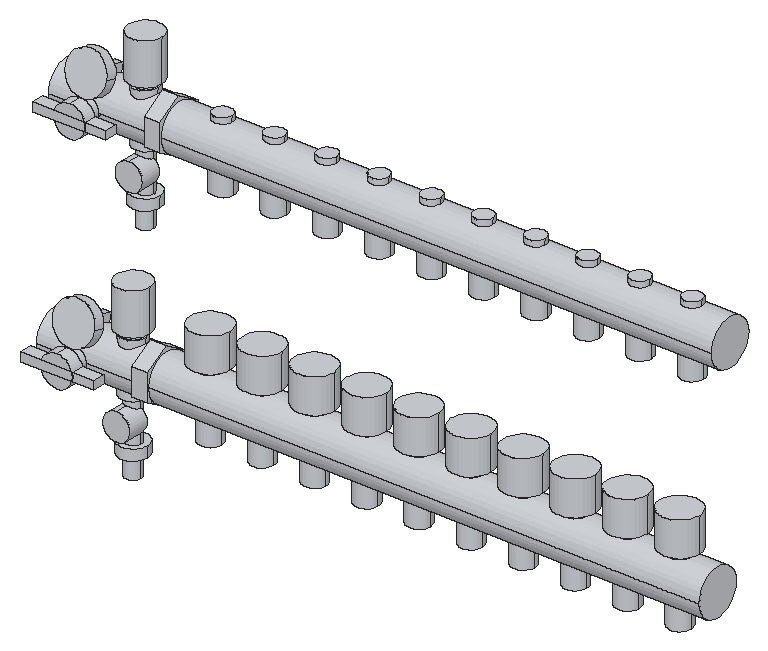
Revit family "318_dba5bdd3bf904ccfaea6eb69f10d82", category Pipe Accessories, Revit 2017
Family settings
  Round Connector Dimension = Use Diameter
  Part Type = Valve - Normal
  Work Plane-Based = No
  Always vertical = Yes
  Cut with Voids When Loaded = No
  Shared = No
Parameters (values of type "R553DK110")
  magi_piping_qv_2_9 [instance] = 0.0 L/s
  magi_piping_qv_2_8 [instance] = 0.0 L/s
  magi_piping_qv_2_7 [instance] = 0.0 L/s
  magi_piping_qv_2_6 [instance] = 0.0 L/s
  magi_piping_qv_2_5 [instance] = 0.0 L/s
  magi_piping_qv_2_4 [instance] = 0.0 L/s
  magi_piping_qv_2_3 [instance] = 0.0 L/s
  magi_piping_qv_2_2 [instance] = 0.0 L/s
  magi_piping_qv_2_10 [instance] = 0.0 L/s
  magi_piping_qv_2_1 [instance] = 0.0 L/s
  magi_piping_qv_1_9 [instance] = 0.0 L/s
  magi_piping_qv_1_8 [instance] = 0.0 L/s
  magi_piping_qv_1_7 [instance] = 0.0 L/s
  magi_piping_qv_1_6 [instance] = 0.0 L/s
  magi_piping_qv_1_5 [instance] = 0.0 L/s
  magi_piping_qv_1_4 [instance] = 0.0 L/s
  magi_piping_qv_1_3 [instance] = 0.0 L/s
  magi_piping_qv_1_2 [instance] = 0.0 L/s
  magi_piping_qv_1_10 [instance] = 0.0 L/s
  magi_piping_qv_1_1 [instance] = 0.0 L/s
  magi_piping_qv [instance] = 0.0 L/s
  magi_piping_power_9 [instance] = 0 W
  magi_piping_power_8 [instance] = 0 W
  magi_piping_power_7 [instance] = 0 W
  magi_piping_power_6 [instance] = 0 W
  magi_piping_power_5 [instance] = 0 W
  magi_piping_power_4 [instance] = 0 W
  magi_piping_power_3 [instance] = 0 W
  magi_piping_power_2 [instance] = 0 W
  magi_piping_power_10 [instance] = 0 W
  magi_piping_power_1 [instance] = 0 W
  magi_piping_kv_9 [instance] = 0
  magi_piping_kv_8 [instance] = 0
  magi_piping_kv_7 [instance] = 0
  magi_piping_kv_6 [instance] = 0
  magi_piping_kv_5 [instance] = 0
  magi_piping_kv_4 [instance] = 0
  magi_piping_kv_3 [instance] = 0
  magi_piping_kv_2 [instance] = 0
  magi_piping_kv_10 [instance] = 0
  magi_piping_kv_1 [instance] = 0
  magi_piping_dpTot_9 [instance] = 0.0 Pa
  magi_piping_dpTot_8 [instance] = 0.0 Pa
  magi_piping_dpTot_7 [instance] = 0.0 Pa
  magi_piping_dpTot_6 [instance] = 0.0 Pa
  magi_piping_dpTot_5 [instance] = 0.0 Pa
  magi_piping_dpTot_4 [instance] = 0.0 Pa
  magi_piping_dpTot_3 [instance] = 0.0 Pa
  magi_piping_dpTot_2 [instance] = 0.0 Pa
  magi_piping_dpTot_10 [instance] = 0.0 Pa
  magi_piping_dpTot_1 [instance] = 0.0 Pa
  magi_adjustmentValue_9 [instance] = ""
  magi_adjustmentValue_8 [instance] = ""
  magi_adjustmentValue_7 [instance] = ""
  magi_adjustmentValue_6 [instance] = ""
  magi_adjustmentValue_5 [instance] = ""
  magi_adjustmentValue_4 [instance] = ""
  magi_adjustmentValue_3 [instance] = ""
  magi_adjustmentValue_2 [instance] = ""
  magi_adjustmentValue_10 [instance] = ""
  magi_adjustmentValue_1 [instance] = ""
  magiProductId = "dba5bdd3bf904ccfaea6eb69f10d82"
  magiProductFamilyId = "dba5bdd3bf904ccfaea6eb69f10d82"
  magiProductCode = "R553DK110"
  magiPartTypeId = 318
  Y = 15 mm
  VersionID = "2.0/2016.10.37.0/GIACOMINI_R553DK_001"
  URL = "http://www.giacomini.com/en"
  SMP = 25 mm
  SBP9 = 18 mm
  SBP8 = 18 mm
  SBP7 = 18 mm
  SBP6 = 18 mm
  SBP5 = 18 mm
  SBP4 = 18 mm
  SBP3 = 18 mm
  SBP2 = 18 mm
  SBP12 = 18 mm
  SBP11 = 18 mm
  SBP10 = 18 mm
  SBP1 = 18 mm
  RMP = 25 mm
  RBP9 = 18 mm
  RBP8 = 18 mm
  RBP7 = 18 mm
  RBP6 = 18 mm
  RBP5 = 18 mm
  RBP4 = 18 mm
  RBP3 = 18 mm
  RBP2 = 18 mm
  RBP12 = 18 mm
  RBP11 = 18 mm
  RBP10 = 18 mm
  RBP1 = 18 mm
  R2 = 22 mm
  QmdConnectorList = "321;SMP;322;SBP1;323;SBP2;324;SBP3;325;SBP4;326;SBP5;327;SBP6;328;SBP7;329;SBP8;330;SBP9;331;SBP10;351;RMP;352;RBP1;353;RBP2;354;RBP3;355;RBP4;356;RBP5;357;RBP6;358;RBP7;359;RBP8;360;RBP9;361;RBP10"
  Productdata [instance] = "© Progman Oy, all rights reserved"
  N9 = yes
  N8 = yes
  N7 = yes
  N6 = yes
  N5 = yes
  N4 = yes
  N3 = yes
  N12 = no
  N11 = no
  N10 = yes
  Manufacturer = "Giacomini"
  MC_Default_elevation = 0 mm
  L = 635 mm
  I = 50 mm
  H5 = 33 mm
  H4 = 5 mm
  H3__ve = -H3  # -40 mm
  H3 = 40 mm
  H11 = 5 mm
  Flow supply main [instance] = Flow supply 1 + Flow supply 2 + Flow supply 3 + Flow supply 4 + Flow supply 5 + Flow supply 6 + Flow supply 7 + Flow supply 8 + Flow supply 9 + Flow supply 10  # 0.0 L/s
  Flow supply 9 [instance] = 0.0 L/s
  Flow supply 8 [instance] = 0.0 L/s
  Flow supply 7 [instance] = 0.0 L/s
  Flow supply 6 [instance] = 0.0 L/s
  Flow supply 5 [instance] = 0.0 L/s
  Flow supply 4 [instance] = 0.0 L/s
  Flow supply 3 [instance] = 0.0 L/s
  Flow supply 2 [instance] = 0.0 L/s
  Flow supply 10 [instance] = 0.0 L/s
  Flow supply 1 [instance] = 0.0 L/s
  Flow return main [instance] = Flow return 1 + Flow return 2 + Flow return 3 + Flow return 4 + Flow return 5 + Flow return 6 + Flow return 7 + Flow return 8 + Flow return 9 + Flow return 10  # 0.0 L/s
  Flow return 9 [instance] = 0.0 L/s
  Flow return 8 [instance] = 0.0 L/s
  Flow return 7 [instance] = 0.0 L/s
  Flow return 6 [instance] = 0.0 L/s
  Flow return 5 [instance] = 0.0 L/s
  Flow return 4 [instance] = 0.0 L/s
  Flow return 3 [instance] = 0.0 L/s
  Flow return 2 [instance] = 0.0 L/s
  Flow return 10 [instance] = 0.0 L/s
  Flow return 1 [instance] = 0.0 L/s
  E = 208 mm
  Description = "PREASSEMBLED MANIFOLD KIT"
  D5 = 38 mm
  D4 = 22 mm
  D31 = 18 mm
  D2 = 44 mm
  CAT0 = yes
  A = 149 mm
Reference planes
  plane 1 "Center (Front/Back)": y = 0
  plane 2 "XYPLANE": z = 0
  plane 3 "Center (Left/Right)": x = 0
  plane 4 "INIT_TEMP": y = 100
  plane 5 "379": x = 699
  plane 6 "378": x = 649
  plane 7 "377": x = 599
  plane 8 "376": x = 549
  plane 9 "375": x = 499
  plane 10 "374": x = 449
  plane 11 "373": x = 399
  plane 12 "372": x = 349
  plane 13 "371": x = 299
  plane 14 "369": x = 249
  plane 15 "368": x = 199
  plane 16 "367": x = 149
  plane 17 "366": z = 22
  plane 18 "365": z = 0
  plane 19 "364": z = -208
  plane 20 "363": y = -15
  plane 21 "362": y = 0
  plane 22 "361": x = 0
  plane 23 "360": z = -40
  plane 24 "359": z = -186
  plane 25 "358": z = -181
  plane 26 "357": z = -248
  plane 27 "356": x = 75
  plane 28 "355": z = 26
  plane 29 "354": x = 92
  plane 30 "353": z = 31
  plane 31 "352": z = -26
  plane 32 "351": z = -46
  plane 33 "350": z = -66
  plane 34 "349": z = 30
  plane 35 "348": x = 38
  plane 36 "347": y = -33
  plane 37 "346": z = 30
  plane 38 "345": y = -15
  plane 39 "344": z = -182
  plane 40 "343": z = -177
  plane 41 "342": z = -234
  plane 42 "341": z = -254
  plane 43 "340": z = -274
  plane 44 "339": z = -178
  plane 45 "338": y = -30
  plane 46 "337": z = -178
  plane 47 "336": y = -48
  plane 48 "1055": through (-712, 0, 30) normal (0, 0.2588, 0.9659)
  plane 49 "1056": through (-712, -15, 30) normal (0, -0.9659, 0.2588)
  plane 50 "1057": through (-712, -30, -178) normal (0, 0.9659, -0.2588)
  plane 51 "1058": through (-712, -15, -178) normal (0, -0.2588, -0.9659)
Forms (mm)
  Extrusion 1, solid, visible <- "N12"
    sketch origin (-750, 0, 22) x (1, 0, 0) y (0, 1, 0)
      loop
        circle (1449, 0) r 9
    from 0 to 5 <- "H11"
  Extrusion 2, solid, visible <- "N11"
    sketch origin (-750, 0, 22) x (1, 0, 0) y (0, 1, 0)
      loop
        circle (1399, 0) r 9
    from 0 to 5 <- "H11"
  Extrusion 3, solid, visible <- "N9"
    sketch origin (-750, 0, 22) x (1, 0, 0) y (0, 1, 0)
      loop
        circle (1299, 0) r 9
    from 0 to 5 <- "H11"
  Extrusion 4, solid, visible <- "N10"
    sketch origin (-750, 0, 22) x (1, 0, 0) y (0, 1, 0)
      loop
        circle (1349, 0) r 9
    from 0 to 5 <- "H11"
  Extrusion 5, solid, visible <- "N8"
    sketch origin (-750, 0, 22) x (1, 0, 0) y (0, 1, 0)
      loop
        circle (1249, 0) r 9
    from 0 to 5 <- "H11"
  Extrusion 6, solid, visible <- "N7"
    sketch origin (-750, 0, 22) x (1, 0, 0) y (0, 1, 0)
      loop
        circle (1199, 0) r 9
    from 0 to 5 <- "H11"
  Extrusion 7, solid, visible <- "N6"
    sketch origin (-750, 0, 22) x (1, 0, 0) y (0, 1, 0)
      loop
        circle (1149, 0) r 9
    from 0 to 5 <- "H11"
  Extrusion 8, solid, visible <- "N5"
    sketch origin (-750, 0, 22) x (1, 0, 0) y (0, 1, 0)
      loop
        circle (1099, 0) r 9
    from 0 to 5 <- "H11"
  Extrusion 9, solid, visible <- "N4"
    sketch origin (-750, 0, 22) x (1, 0, 0) y (0, 1, 0)
      loop
        circle (1049, 0) r 9
    from 0 to 5 <- "H11"
  Extrusion 10, solid, visible <- "N3"
    sketch origin (-750, 0, 22) x (1, 0, 0) y (0, 1, 0)
      loop
        circle (999, 0) r 9
    from 0 to 5 <- "H11"
  Extrusion 11, solid
    sketch origin (-750, 0, 22) x (1, 0, 0) y (0, 1, 0)
      loop
        circle (949, 0) r 9
    from 0 to 5 <- "H11"
  Extrusion 12, solid
    sketch origin (-750, 0, 22) x (1, 0, 0) y (0, 1, 0)
      loop
        circle (899, 0) r 9
    from 0 to 5 <- "H11"
  Extrusion 13, solid, visible <- "CAT0"
    sketch origin (0, -750, 0) x (0, 1, 0) y (0, 0, 1)
      loop
        circle (750, 0) r 22
    from 0 to 635 <- "L"
  Extrusion 14, solid
    sketch origin (-750, 0, 0) x (1, 0, 0) y (0, 1, 0)
      loop
        circle (899, 0) r 11
    from 0 to -40 <- "H3__ve"
  Extrusion 15, solid
    sketch origin (-750, 0, 0) x (1, 0, 0) y (0, 1, 0)
      loop
        circle (949, 0) r 11
    from 0 to -40 <- "H3__ve"
  Extrusion 16, solid, visible <- "N3"
    sketch origin (-750, 0, 0) x (1, 0, 0) y (0, 1, 0)
      loop
        circle (999, 0) r 11
    from 0 to -40 <- "H3__ve"
  Extrusion 17, solid, visible <- "N4"
    sketch origin (-750, 0, 0) x (1, 0, 0) y (0, 1, 0)
      loop
        circle (1049, 0) r 11
    from 0 to -40 <- "H3__ve"
  Extrusion 18, solid, visible <- "N5"
    sketch origin (-750, 0, 0) x (1, 0, 0) y (0, 1, 0)
      loop
        circle (1099, 0) r 11
    from 0 to -40 <- "H3__ve"
  Extrusion 19, solid, visible <- "N6"
    sketch origin (-750, 0, 0) x (1, 0, 0) y (0, 1, 0)
      loop
        circle (1149, 0) r 11
    from 0 to -40 <- "H3__ve"
  Extrusion 20, solid, visible <- "N7"
    sketch origin (-750, 0, 0) x (1, 0, 0) y (0, 1, 0)
      loop
        circle (1199, 0) r 11
    from 0 to -40 <- "H3__ve"
  Extrusion 21, solid, visible <- "N12"
    sketch origin (-750, 0, 0) x (1, 0, 0) y (0, 1, 0)
      loop
        circle (1449, 0) r 11
    from 0 to -40 <- "H3__ve"
  Extrusion 22, solid, visible <- "N11"
    sketch origin (-750, 0, 0) x (1, 0, 0) y (0, 1, 0)
      loop
        circle (1399, 0) r 11
    from 0 to -40 <- "H3__ve"
  Extrusion 23, solid, visible <- "N10"
    sketch origin (-750, 0, 0) x (1, 0, 0) y (0, 1, 0)
      loop
        circle (1349, 0) r 11
    from 0 to -40 <- "H3__ve"
  Extrusion 24, solid, visible <- "N9"
    sketch origin (-750, 0, 0) x (1, 0, 0) y (0, 1, 0)
      loop
        circle (1299, 0) r 11
    from 0 to -40 <- "H3__ve"
  Extrusion 25, solid, visible <- "N8"
    sketch origin (-750, 0, 0) x (1, 0, 0) y (0, 1, 0)
      loop
        circle (1249, 0) r 11
    from 0 to -40 <- "H3__ve"
  Extrusion 26, solid, visible <- "CAT0"
    sketch origin (0, -750, 0) x (0, 1, 0) y (0, 0, 1)
      loop
        circle (735, -208) r 22
    from 0 to 635 <- "L"
  Extrusion 27, solid
    sketch origin (-750, 0, -208) x (1, 0, 0) y (0, 1, 0)
      loop
        circle (949, -15) r 11
    from 0 to -40 <- "H3__ve"
  Extrusion 28, solid
    sketch origin (-750, 0, -208) x (1, 0, 0) y (0, 1, 0)
      loop
        circle (899, -15) r 11
    from 0 to -40 <- "H3__ve"
  Extrusion 29, solid, visible <- "N3"
    sketch origin (-750, 0, -208) x (1, 0, 0) y (0, 1, 0)
      loop
        circle (999, -15) r 11
    from 0 to -40 <- "H3__ve"
  Extrusion 30, solid
    sketch origin (-750, 0, -186) x (1, 0, 0) y (0, 1, 0)
      loop
        circle (899, -15) r 11
    from 0 to 5 <- "H4"
  Extrusion 31, solid
    sketch origin (-750, 0, -181) x (1, 0, 0) y (0, 1, 0)
      loop
        circle (899, -15) r 19
    from 0 to 33 <- "H5"
  Extrusion 32, solid
    sketch origin (-750, 0, -181) x (1, 0, 0) y (0, 1, 0)
      loop
        circle (949, -15) r 19
    from 0 to 33 <- "H5"
  Extrusion 33, solid
    sketch origin (-750, 0, -186) x (1, 0, 0) y (0, 1, 0)
      loop
        circle (949, -15) r 11
    from 0 to 5 <- "H4"
  Extrusion 34, solid, visible <- "N3"
    sketch origin (-750, 0, -186) x (1, 0, 0) y (0, 1, 0)
      loop
        circle (999, -15) r 11
    from 0 to 5 <- "H4"
  Extrusion 35, solid, visible <- "N3"
    sketch origin (-750, 0, -181) x (1, 0, 0) y (0, 1, 0)
      loop
        circle (999, -15) r 19
    from 0 to 33 <- "H5"
  Extrusion 36, solid, visible <- "N4"
    sketch origin (-750, 0, -181) x (1, 0, 0) y (0, 1, 0)
      loop
        circle (1049, -15) r 19
    from 0 to 33 <- "H5"
  Extrusion 37, solid, visible <- "N4"
    sketch origin (-750, 0, -186) x (1, 0, 0) y (0, 1, 0)
      loop
        circle (1049, -15) r 11
    from 0 to 5 <- "H4"
  Extrusion 38, solid, visible <- "N4"
    sketch origin (-750, 0, -208) x (1, 0, 0) y (0, 1, 0)
      loop
        circle (1049, -15) r 11
    from 0 to -40 <- "H3__ve"
  Extrusion 39, solid, visible <- "N5"
    sketch origin (-750, 0, -208) x (1, 0, 0) y (0, 1, 0)
      loop
        circle (1099, -15) r 11
    from 0 to -40 <- "H3__ve"
  Extrusion 40, solid, visible <- "N5"
    sketch origin (-750, 0, -186) x (1, 0, 0) y (0, 1, 0)
      loop
        circle (1099, -15) r 11
    from 0 to 5 <- "H4"
  Extrusion 41, solid, visible <- "N5"
    sketch origin (-750, 0, -181) x (1, 0, 0) y (0, 1, 0)
      loop
        circle (1099, -15) r 19
    from 0 to 33 <- "H5"
  Extrusion 42, solid, visible <- "N6"
    sketch origin (-750, 0, -181) x (1, 0, 0) y (0, 1, 0)
      loop
        circle (1149, -15) r 19
    from 0 to 33 <- "H5"
  Extrusion 43, solid, visible <- "N6"
    sketch origin (-750, 0, -186) x (1, 0, 0) y (0, 1, 0)
      loop
        circle (1149, -15) r 11
    from 0 to 5 <- "H4"
  Extrusion 44, solid, visible <- "N6"
    sketch origin (-750, 0, -208) x (1, 0, 0) y (0, 1, 0)
      loop
        circle (1149, -15) r 11
    from 0 to -40 <- "H3__ve"
  Extrusion 45, solid, visible <- "N7"
    sketch origin (-750, 0, -208) x (1, 0, 0) y (0, 1, 0)
      loop
        circle (1199, -15) r 11
    from 0 to -40 <- "H3__ve"
  Extrusion 46, solid, visible <- "N7"
    sketch origin (-750, 0, -186) x (1, 0, 0) y (0, 1, 0)
      loop
        circle (1199, -15) r 11
    from 0 to 5 <- "H4"
  Extrusion 47, solid, visible <- "N7"
    sketch origin (-750, 0, -181) x (1, 0, 0) y (0, 1, 0)
      loop
        circle (1199, -15) r 19
    from 0 to 33 <- "H5"
  Extrusion 48, solid, visible <- "N9"
    sketch origin (-750, 0, -181) x (1, 0, 0) y (0, 1, 0)
      loop
        circle (1299, -15) r 19
    from 0 to 33 <- "H5"
  Extrusion 49, solid, visible <- "N9"
    sketch origin (-750, 0, -186) x (1, 0, 0) y (0, 1, 0)
      loop
        circle (1299, -15) r 11
    from 0 to 5 <- "H4"
  Extrusion 50, solid, visible <- "N9"
    sketch origin (-750, 0, -208) x (1, 0, 0) y (0, 1, 0)
      loop
        circle (1299, -15) r 11
    from 0 to -40 <- "H3__ve"
  Extrusion 51, solid, visible <- "N8"
    sketch origin (-750, 0, -208) x (1, 0, 0) y (0, 1, 0)
      loop
        circle (1249, -15) r 11
    from 0 to -40 <- "H3__ve"
  Extrusion 52, solid, visible <- "N8"
    sketch origin (-750, 0, -186) x (1, 0, 0) y (0, 1, 0)
      loop
        circle (1249, -15) r 11
    from 0 to 5 <- "H4"
  Extrusion 53, solid, visible <- "N8"
    sketch origin (-750, 0, -181) x (1, 0, 0) y (0, 1, 0)
      loop
        circle (1249, -15) r 19
    from 0 to 33 <- "H5"
  Extrusion 54, solid, visible <- "N11"
    sketch origin (-750, 0, -181) x (1, 0, 0) y (0, 1, 0)
      loop
        circle (1399, -15) r 19
    from 0 to 33 <- "H5"
  Extrusion 55, solid, visible <- "N11"
    sketch origin (-750, 0, -186) x (1, 0, 0) y (0, 1, 0)
      loop
        circle (1399, -15) r 11
    from 0 to 5 <- "H4"
  Extrusion 56, solid, visible <- "N11"
    sketch origin (-750, 0, -208) x (1, 0, 0) y (0, 1, 0)
      loop
        circle (1399, -15) r 11
    from 0 to -40 <- "H3__ve"
  Extrusion 57, solid, visible <- "N12"
    sketch origin (-750, 0, -208) x (1, 0, 0) y (0, 1, 0)
      loop
        circle (1449, -15) r 11
    from 0 to -40 <- "H3__ve"
  Extrusion 58, solid, visible <- "N12"
    sketch origin (-750, 0, -186) x (1, 0, 0) y (0, 1, 0)
      loop
        circle (1449, -15) r 11
    from 0 to 5 <- "H4"
  Extrusion 59, solid, visible <- "N12"
    sketch origin (-750, 0, -181) x (1, 0, 0) y (0, 1, 0)
      loop
        circle (1449, -15) r 19
    from 0 to 33 <- "H5"
  Extrusion 60, solid, visible <- "N10"
    sketch origin (-750, 0, -181) x (1, 0, 0) y (0, 1, 0)
      loop
        circle (1349, -15) r 19
    from 0 to 33 <- "H5"
  Extrusion 61, solid, visible <- "N10"
    sketch origin (-750, 0, -186) x (1, 0, 0) y (0, 1, 0)
      loop
        circle (1349, -15) r 11
    from 0 to 5 <- "H4"
  Extrusion 62, solid, visible <- "N10"
    sketch origin (-750, 0, -208) x (1, 0, 0) y (0, 1, 0)
      loop
        circle (1349, -15) r 11
    from 0 to -40 <- "H3__ve"
  Extrusion 63, solid
    sketch origin (-750, 0, 26) x (1, 0, 0) y (0, 1, 0)
      loop
        circle (825, 0) r 12
    from 0 to -52
  Extrusion 64, solid
    sketch origin (92, -750, 0) x (0, 1, 0) y (0, 0, 1)
      loop
        line (750, 26) -> (727.483, 13) -> (727.483, -13) -> (750, -26) -> (772.517, -13) -> (772.517, 13) -> (750, 26)
    from 0 to 15
  Extrusion 65, solid
    sketch origin (-750, 0, 26) x (1, 0, 0) y (0, 1, 0)
      loop
        circle (825, 0) r 10
    from 0 to 5
  Extrusion 66, solid
    sketch origin (-750, 0, 31) x (1, 0, 0) y (0, 1, 0)
      loop
        circle (825, 0) r 16
    from 0 to 40
  Extrusion 67, solid
    sketch origin (-750, 0, -26) x (1, 0, 0) y (0, 1, 0)
      loop
        circle (825, 0) r 7.5
    from 0 to -70
  Extrusion 68, solid
    sketch origin (750, 0, 0) x (-1, 0, 0) y (0, 0, 1)
      loop
        circle (675, -46) r 13
    from 0 to -20
  Extrusion 69, solid
    sketch origin (-750, 0, -66) x (1, 0, 0) y (0, 1, 0)
      loop
        circle (825, 0) r 14
    from 0 to -10
  Extrusion 70, solid
    sketch origin (750, -33, 0) x (-1, 0, 0) y (0, 0, 1)
      loop
        circle (712, 0) r 15
    from 0 to -12
  Extrusion 71, solid
    sketch origin (-712, 0, 30) x (1, 0, 0) y (0, 0.965926, -0.258819)
      loop
        line (746, 15) -> (746, -15) -> (754, -15) -> (754, 15) -> (746, 15)
    from 0 to -18
  Extrusion 72, solid
    sketch origin (750, 0, 0) x (-1, 0, 0) y (0, 0, 1)
      loop
        circle (712, 0) r 9
    from 0 to -33
  Extrusion 73, solid
    sketch origin (750, -33, 0) x (-1, 0, 0) y (0, 0, 1)
      loop
        line (677, 4) -> (677, -4) -> (747, -4) -> (747, 4) -> (677, 4)
    from 0 to -12
  Extrusion 74, solid
    sketch origin (-712, -15, 30) x (1, 0, 0) y (0, 0.258819, 0.965926)
      loop
        circle (750, 0) r 20
    from 0 to 10
  Extrusion 75, solid
    sketch origin (-750, 0, -274) x (1, 0, 0) y (0, 1, 0)
      loop
        circle (825, -15) r 14
    from 0 to -10
  Extrusion 76, solid
    sketch origin (750, -15, 0) x (-1, 0, 0) y (0, 0, 1)
      loop
        circle (675, -254) r 13
    from 0 to -20
  Extrusion 77, solid
    sketch origin (-750, 0, -234) x (1, 0, 0) y (0, 1, 0)
      loop
        circle (825, -15) r 7.5
    from 0 to -70
  Extrusion 78, solid
    sketch origin (-750, 0, -177) x (1, 0, 0) y (0, 1, 0)
      loop
        circle (825, -15) r 16
    from 0 to 40
  Extrusion 79, solid
    sketch origin (-750, 0, -182) x (1, 0, 0) y (0, 1, 0)
      loop
        circle (825, -15) r 10
    from 0 to 5
  Extrusion 80, solid
    sketch origin (92, -750, 0) x (0, 1, 0) y (0, 0, 1)
      loop
        line (735, -182) -> (712.483, -195) -> (712.483, -221) -> (735, -234) -> (757.517, -221) -> (757.517, -195) -> (735, -182)
    from 0 to 15
  Extrusion 81, solid
    sketch origin (-750, 0, -182) x (1, 0, 0) y (0, 1, 0)
      loop
        circle (825, -15) r 12
    from 0 to -52
  Extrusion 82, solid
    sketch origin (-712, -30, -178) x (1, 0, 0) y (0, -0.258819, -0.965926)
      loop
        circle (750, 0) r 20
    from 0 to -10
  Extrusion 83, solid
    sketch origin (750, -48, 0) x (-1, 0, 0) y (0, 0, 1)
      loop
        line (677, -204) -> (677, -212) -> (747, -212) -> (747, -204) -> (677, -204)
    from 0 to -12
  Extrusion 84, solid
    sketch origin (750, -15, 0) x (-1, 0, 0) y (0, 0, 1)
      loop
        circle (712, -208) r 9
    from 0 to -33
  Extrusion 85, solid
    sketch origin (-712, -15, -178) x (1, 0, 0) y (0, -0.965926, 0.258819)
      loop
        line (746, -15) -> (754, -15) -> (754, 15) -> (746, 15) -> (746, -15)
    from 0 to 18
  Extrusion 86, solid
    sketch origin (750, -48, 0) x (-1, 0, 0) y (0, 0, 1)
      loop
        circle (712, -208) r 15
    from 0 to -12
  Extrusion 87, solid, not visible
    sketch origin (-750, 0, -40) x (1, 0, 0) y (0, 1, 0)
      loop
        circle (949, 0) r 10
    from 0 to 10
  Extrusion 88, solid, not visible
    sketch origin (-750, 0, -40) x (1, 0, 0) y (0, 1, 0)
      loop
        circle (899, 0) r 10
    from 0 to 10
  Extrusion 89, solid, not visible
    sketch origin (0, -750, 0) x (0, 1, 0) y (0, 0, 1)
      loop
        circle (735, -208) r 10
    from 0 to 10
  Extrusion 90, solid, not visible
    sketch origin (0, -750, 0) x (0, 1, 0) y (0, 0, 1)
      loop
        circle (750, 0) r 10
    from 0 to 10
  Extrusion 91, solid, not visible
    sketch origin (-750, 0, -40) x (1, 0, 0) y (0, 1, 0)
      loop
        circle (999, 0) r 10
    from 0 to 10
  Extrusion 92, solid, not visible
    sketch origin (-750, 0, -40) x (1, 0, 0) y (0, 1, 0)
      loop
        circle (1049, 0) r 10
    from 0 to 10
  Extrusion 93, solid, not visible
    sketch origin (-750, 0, -40) x (1, 0, 0) y (0, 1, 0)
      loop
        circle (1099, 0) r 10
    from 0 to 10
  Extrusion 94, solid, not visible
    sketch origin (-750, 0, -40) x (1, 0, 0) y (0, 1, 0)
      loop
        circle (1149, 0) r 10
    from 0 to 10
  Extrusion 95, solid, not visible
    sketch origin (-750, 0, -40) x (1, 0, 0) y (0, 1, 0)
      loop
        circle (1199, 0) r 10
    from 0 to 10
  Extrusion 96, solid, not visible
    sketch origin (-750, 0, -40) x (1, 0, 0) y (0, 1, 0)
      loop
        circle (1349, 0) r 10
    from 0 to 10
  Extrusion 97, solid, not visible
    sketch origin (-750, 0, -40) x (1, 0, 0) y (0, 1, 0)
      loop
        circle (1299, 0) r 10
    from 0 to 10
  Extrusion 98, solid, not visible
    sketch origin (-750, 0, -40) x (1, 0, 0) y (0, 1, 0)
      loop
        circle (1249, 0) r 10
    from 0 to 10
  Extrusion 99, solid, not visible
    sketch origin (-750, 0, -248) x (1, 0, 0) y (0, 1, 0)
      loop
        circle (999, -15) r 10
    from 0 to 10
  Extrusion 100, solid, not visible
    sketch origin (-750, 0, -248) x (1, 0, 0) y (0, 1, 0)
      loop
        circle (899, -15) r 10
    from 0 to 10
  Extrusion 101, solid, not visible
    sketch origin (-750, 0, -248) x (1, 0, 0) y (0, 1, 0)
      loop
        circle (949, -15) r 10
    from 0 to 10
  Extrusion 102, solid, not visible
    sketch origin (-750, 0, -248) x (1, 0, 0) y (0, 1, 0)
      loop
        circle (1049, -15) r 10
    from 0 to 10
  Extrusion 103, solid, not visible
    sketch origin (-750, 0, -248) x (1, 0, 0) y (0, 1, 0)
      loop
        circle (1099, -15) r 10
    from 0 to 10
  Extrusion 104, solid, not visible
    sketch origin (-750, 0, -248) x (1, 0, 0) y (0, 1, 0)
      loop
        circle (1149, -15) r 10
    from 0 to 10
  Extrusion 105, solid, not visible
    sketch origin (-750, 0, -248) x (1, 0, 0) y (0, 1, 0)
      loop
        circle (1199, -15) r 10
    from 0 to 10
  Extrusion 106, solid, not visible
    sketch origin (-750, 0, -248) x (1, 0, 0) y (0, 1, 0)
      loop
        circle (1299, -15) r 10
    from 0 to 10
  Extrusion 107, solid, not visible
    sketch origin (-750, 0, -248) x (1, 0, 0) y (0, 1, 0)
      loop
        circle (1249, -15) r 10
    from 0 to 10
  Extrusion 108, solid, not visible
    sketch origin (-750, 0, -248) x (1, 0, 0) y (0, 1, 0)
      loop
        circle (1349, -15) r 10
    from 0 to 10
Text (mm)
  text "© Progman Oy, all rights reserved" at (-472.209, -2482.653, 0), in view "Ref. Level"
Dimensions and locks
  plane 4 "INIT_TEMP" to plane 1 "Center (Front/Back)" = 100 mm
  "I": plane 6 "378" to plane 5 "379"
  "I": plane 7 "377" to plane 6 "378"
  "I": plane 8 "376" to plane 7 "377"
  "I": plane 9 "375" to plane 8 "376"
  "I": plane 10 "374" to plane 9 "375"
  "I": plane 11 "373" to plane 10 "374"
  "I": plane 12 "372" to plane 11 "373"
  "I": plane 13 "371" to plane 12 "372"
  "I": plane 14 "369" to plane 13 "371"
  "I": plane 15 "368" to plane 14 "369"
  "I": plane 16 "367" to plane 15 "368"
  "A": plane 3 "Center (Left/Right)" to plane 16 "367"
  "R2": plane 2 "XYPLANE" to plane 17 "366"
  locked: plane 2 "XYPLANE" to plane 18 "365"
  "E": plane 2 "XYPLANE" to plane 19 "364"
  "Y": plane 1 "Center (Front/Back)" to plane 20 "363"
  locked: plane 1 "Center (Front/Back)" to plane 21 "362"
  locked: plane 3 "Center (Left/Right)" to plane 22 "361"
  "H3": plane 2 "XYPLANE" to plane 23 "360"
  "R2": plane 19 "364" to plane 24 "359"
  "H4": plane 24 "359" to plane 25 "358"
  "H3": plane 19 "364" to plane 26 "357"
  locked: plane 3 "Center (Left/Right)" to plane 27 "356" at 75
  locked: plane 2 "XYPLANE" to plane 28 "355" at 26
  locked: plane 27 "356" to plane 29 "354" at 17
  locked: plane 28 "355" to plane 30 "353" at 5
  locked: plane 28 "355" to plane 31 "352" at 52
  locked: plane 31 "352" to plane 32 "351" at 20
  locked: plane 31 "352" to plane 33 "350" at 40
  locked: plane 2 "XYPLANE" to plane 34 "349" at 30
  locked: plane 3 "Center (Left/Right)" to plane 35 "348" at 38
  locked: plane 1 "Center (Front/Back)" to plane 36 "347" at 33
  locked: plane 2 "XYPLANE" to plane 37 "346" at 30
  locked: plane 1 "Center (Front/Back)" to plane 38 "345" at 15
  locked: plane 19 "364" to plane 39 "344" at 26
  locked: plane 39 "344" to plane 40 "343" at 5
  locked: plane 39 "344" to plane 41 "342" at 52
  locked: plane 41 "342" to plane 42 "341" at 20
  locked: plane 41 "342" to plane 43 "340" at 40
  locked: plane 19 "364" to plane 44 "339" at 30
  locked: plane 20 "363" to plane 45 "338" at 15
  locked: plane 19 "364" to plane 46 "337" at 30
  locked: plane 20 "363" to plane 47 "336" at 33
  "D31": diameter of Extrusion 1 sketch curve
  "D31": diameter of Extrusion 2 sketch curve
  "D31": diameter of Extrusion 3 sketch curve
  "D31": diameter of Extrusion 4 sketch curve
  "D31": diameter of Extrusion 5 sketch curve
  "D31": diameter of Extrusion 6 sketch curve
  "D31": diameter of Extrusion 7 sketch curve
  "D31": diameter of Extrusion 8 sketch curve
  "D31": diameter of Extrusion 9 sketch curve
  "D31": diameter of Extrusion 10 sketch curve
  "D31": diameter of Extrusion 11 sketch curve
  "D31": diameter of Extrusion 12 sketch curve
  "D2": diameter of Extrusion 13 sketch curve
  "D4": diameter of Extrusion 14 sketch curve
  "D4": diameter of Extrusion 15 sketch curve
  "D4": diameter of Extrusion 16 sketch curve
  "D4": diameter of Extrusion 17 sketch curve
  "D4": diameter of Extrusion 18 sketch curve
  "D4": diameter of Extrusion 19 sketch curve
  "D4": diameter of Extrusion 20 sketch curve
  "D4": diameter of Extrusion 21 sketch curve
  "D4": diameter of Extrusion 22 sketch curve
  "D4": diameter of Extrusion 23 sketch curve
  "D4": diameter of Extrusion 24 sketch curve
  "D4": diameter of Extrusion 25 sketch curve
  "D2": diameter of Extrusion 26 sketch curve
  "D4": diameter of Extrusion 27 sketch curve
  "D4": diameter of Extrusion 28 sketch curve
  "D4": diameter of Extrusion 29 sketch curve
  "D4": diameter of Extrusion 30 sketch curve
  "D5": diameter of Extrusion 31 sketch curve
  "D5": diameter of Extrusion 32 sketch curve
  "D4": diameter of Extrusion 33 sketch curve
  "D4": diameter of Extrusion 34 sketch curve
  "D5": diameter of Extrusion 35 sketch curve
  "D5": diameter of Extrusion 36 sketch curve
  "D4": diameter of Extrusion 37 sketch curve
  "D4": diameter of Extrusion 38 sketch curve
  "D4": diameter of Extrusion 39 sketch curve
  "D4": diameter of Extrusion 40 sketch curve
  "D5": diameter of Extrusion 41 sketch curve
  "D5": diameter of Extrusion 42 sketch curve
  "D4": diameter of Extrusion 43 sketch curve
  "D4": diameter of Extrusion 44 sketch curve
  "D4": diameter of Extrusion 45 sketch curve
  "D4": diameter of Extrusion 46 sketch curve
  "D5": diameter of Extrusion 47 sketch curve
  "D5": diameter of Extrusion 48 sketch curve
  "D4": diameter of Extrusion 49 sketch curve
  "D4": diameter of Extrusion 50 sketch curve
  "D4": diameter of Extrusion 51 sketch curve
  "D4": diameter of Extrusion 52 sketch curve
  "D5": diameter of Extrusion 53 sketch curve
  "D5": diameter of Extrusion 54 sketch curve
  "D4": diameter of Extrusion 55 sketch curve
  "D4": diameter of Extrusion 56 sketch curve
  "D4": diameter of Extrusion 57 sketch curve
  "D4": diameter of Extrusion 58 sketch curve
  "D5": diameter of Extrusion 59 sketch curve
  "D5": diameter of Extrusion 60 sketch curve
  "D4": diameter of Extrusion 61 sketch curve
  "D4": diameter of Extrusion 62 sketch curve
  aligned and locked: level to plane 2 "XYPLANE"
  aligned and locked: plane 5 "379" to Extrusion 1 sketch curve
  aligned and locked: plane 21 "362" to Extrusion 1 sketch curve
  aligned and locked: plane 6 "378" to Extrusion 2 sketch curve
  aligned and locked: plane 21 "362" to Extrusion 2 sketch curve
  aligned and locked: plane 8 "376" to Extrusion 3 sketch curve
  aligned and locked: plane 21 "362" to Extrusion 3 sketch curve
  aligned and locked: plane 7 "377" to Extrusion 4 sketch curve
  aligned and locked: plane 21 "362" to Extrusion 4 sketch curve
  aligned and locked: plane 9 "375" to Extrusion 5 sketch curve
  aligned and locked: plane 21 "362" to Extrusion 5 sketch curve
  aligned and locked: plane 10 "374" to Extrusion 6 sketch curve
  aligned and locked: plane 21 "362" to Extrusion 6 sketch curve
  aligned and locked: plane 11 "373" to Extrusion 7 sketch curve
  aligned and locked: plane 21 "362" to Extrusion 7 sketch curve
  aligned and locked: plane 12 "372" to Extrusion 8 sketch curve
  aligned and locked: plane 21 "362" to Extrusion 8 sketch curve
  aligned and locked: plane 13 "371" to Extrusion 9 sketch curve
  aligned and locked: plane 21 "362" to Extrusion 9 sketch curve
  aligned and locked: plane 14 "369" to Extrusion 10 sketch curve
  aligned and locked: plane 21 "362" to Extrusion 10 sketch curve
  aligned and locked: plane 15 "368" to Extrusion 11 sketch curve
  aligned and locked: plane 21 "362" to Extrusion 11 sketch curve
  aligned and locked: plane 16 "367" to Extrusion 12 sketch curve
  aligned and locked: plane 21 "362" to Extrusion 12 sketch curve
  aligned and locked: plane 18 "365" to Extrusion 13 sketch curve
  aligned and locked: Extrusion 13 sketch curve to plane 21 "362"
  aligned and locked: plane 16 "367" to Extrusion 14 sketch curve
  aligned and locked: plane 21 "362" to Extrusion 14 sketch curve
  aligned and locked: plane 15 "368" to Extrusion 15 sketch curve
  aligned and locked: plane 21 "362" to Extrusion 15 sketch curve
  aligned and locked: plane 14 "369" to Extrusion 16 sketch curve
  aligned and locked: plane 21 "362" to Extrusion 16 sketch curve
  aligned and locked: plane 13 "371" to Extrusion 17 sketch curve
  aligned and locked: plane 21 "362" to Extrusion 17 sketch curve
  aligned and locked: plane 12 "372" to Extrusion 18 sketch curve
  aligned and locked: plane 21 "362" to Extrusion 18 sketch curve
  aligned and locked: plane 11 "373" to Extrusion 19 sketch curve
  aligned and locked: plane 21 "362" to Extrusion 19 sketch curve
  aligned and locked: plane 10 "374" to Extrusion 20 sketch curve
  aligned and locked: plane 21 "362" to Extrusion 20 sketch curve
  aligned and locked: plane 5 "379" to Extrusion 21 sketch curve
  aligned and locked: plane 21 "362" to Extrusion 21 sketch curve
  aligned and locked: plane 6 "378" to Extrusion 22 sketch curve
  aligned and locked: plane 21 "362" to Extrusion 22 sketch curve
  aligned and locked: plane 7 "377" to Extrusion 23 sketch curve
  aligned and locked: plane 21 "362" to Extrusion 23 sketch curve
  aligned and locked: plane 8 "376" to Extrusion 24 sketch curve
  aligned and locked: plane 21 "362" to Extrusion 24 sketch curve
  aligned and locked: plane 9 "375" to Extrusion 25 sketch curve
  aligned and locked: plane 21 "362" to Extrusion 25 sketch curve
  aligned and locked: plane 19 "364" to Extrusion 26 sketch curve
  aligned and locked: Extrusion 26 sketch curve to plane 20 "363"
  aligned and locked: plane 15 "368" to Extrusion 27 sketch curve
  aligned and locked: plane 20 "363" to Extrusion 27 sketch curve
  aligned and locked: plane 16 "367" to Extrusion 28 sketch curve
  aligned and locked: plane 20 "363" to Extrusion 28 sketch curve
  aligned and locked: plane 14 "369" to Extrusion 29 sketch curve
  aligned and locked: plane 20 "363" to Extrusion 29 sketch curve
  aligned and locked: plane 16 "367" to Extrusion 30 sketch curve
  aligned and locked: plane 20 "363" to Extrusion 30 sketch curve
  aligned and locked: plane 16 "367" to Extrusion 31 sketch curve
  aligned and locked: plane 20 "363" to Extrusion 31 sketch curve
  aligned and locked: plane 15 "368" to Extrusion 32 sketch curve
  aligned and locked: plane 20 "363" to Extrusion 32 sketch curve
  aligned and locked: plane 15 "368" to Extrusion 33 sketch curve
  aligned and locked: plane 20 "363" to Extrusion 33 sketch curve
  aligned and locked: plane 14 "369" to Extrusion 34 sketch curve
  aligned and locked: plane 20 "363" to Extrusion 34 sketch curve
  aligned and locked: plane 14 "369" to Extrusion 35 sketch curve
  aligned and locked: plane 20 "363" to Extrusion 35 sketch curve
  aligned and locked: plane 13 "371" to Extrusion 36 sketch curve
  aligned and locked: plane 20 "363" to Extrusion 36 sketch curve
  aligned and locked: plane 13 "371" to Extrusion 37 sketch curve
  aligned and locked: plane 20 "363" to Extrusion 37 sketch curve
  aligned and locked: plane 13 "371" to Extrusion 38 sketch curve
  aligned and locked: plane 20 "363" to Extrusion 38 sketch curve
  aligned and locked: plane 12 "372" to Extrusion 39 sketch curve
  aligned and locked: plane 20 "363" to Extrusion 39 sketch curve
  aligned and locked: plane 12 "372" to Extrusion 40 sketch curve
  aligned and locked: plane 20 "363" to Extrusion 40 sketch curve
  aligned and locked: plane 12 "372" to Extrusion 41 sketch curve
  aligned and locked: plane 20 "363" to Extrusion 41 sketch curve
  aligned and locked: plane 11 "373" to Extrusion 42 sketch curve
  aligned and locked: plane 20 "363" to Extrusion 42 sketch curve
  aligned and locked: plane 11 "373" to Extrusion 43 sketch curve
  aligned and locked: plane 20 "363" to Extrusion 43 sketch curve
  aligned and locked: plane 11 "373" to Extrusion 44 sketch curve
  aligned and locked: plane 20 "363" to Extrusion 44 sketch curve
  aligned and locked: plane 10 "374" to Extrusion 45 sketch curve
  aligned and locked: plane 20 "363" to Extrusion 45 sketch curve
  aligned and locked: plane 10 "374" to Extrusion 46 sketch curve
  aligned and locked: plane 20 "363" to Extrusion 46 sketch curve
  aligned and locked: plane 10 "374" to Extrusion 47 sketch curve
  aligned and locked: plane 20 "363" to Extrusion 47 sketch curve
  aligned and locked: plane 8 "376" to Extrusion 48 sketch curve
  aligned and locked: plane 20 "363" to Extrusion 48 sketch curve
  aligned and locked: plane 8 "376" to Extrusion 49 sketch curve
  aligned and locked: plane 20 "363" to Extrusion 49 sketch curve
  aligned and locked: plane 8 "376" to Extrusion 50 sketch curve
  aligned and locked: plane 20 "363" to Extrusion 50 sketch curve
  aligned and locked: plane 9 "375" to Extrusion 51 sketch curve
  aligned and locked: plane 20 "363" to Extrusion 51 sketch curve
  aligned and locked: plane 9 "375" to Extrusion 52 sketch curve
  aligned and locked: plane 20 "363" to Extrusion 52 sketch curve
  aligned and locked: plane 9 "375" to Extrusion 53 sketch curve
  aligned and locked: plane 20 "363" to Extrusion 53 sketch curve
  aligned and locked: plane 6 "378" to Extrusion 54 sketch curve
  aligned and locked: plane 20 "363" to Extrusion 54 sketch curve
  aligned and locked: plane 6 "378" to Extrusion 55 sketch curve
  aligned and locked: plane 20 "363" to Extrusion 55 sketch curve
  aligned and locked: plane 6 "378" to Extrusion 56 sketch curve
  aligned and locked: plane 20 "363" to Extrusion 56 sketch curve
  aligned and locked: plane 5 "379" to Extrusion 57 sketch curve
  aligned and locked: plane 20 "363" to Extrusion 57 sketch curve
  aligned and locked: plane 5 "379" to Extrusion 58 sketch curve
  aligned and locked: plane 20 "363" to Extrusion 58 sketch curve
  aligned and locked: plane 5 "379" to Extrusion 59 sketch curve
  aligned and locked: plane 20 "363" to Extrusion 59 sketch curve
  aligned and locked: plane 7 "377" to Extrusion 60 sketch curve
  aligned and locked: plane 20 "363" to Extrusion 60 sketch curve
  aligned and locked: plane 7 "377" to Extrusion 61 sketch curve
  aligned and locked: plane 20 "363" to Extrusion 61 sketch curve
  aligned and locked: plane 7 "377" to Extrusion 62 sketch curve
  aligned and locked: plane 20 "363" to Extrusion 62 sketch curve
  aligned and locked: plane 21 "362" to Extrusion 63 sketch curve
  aligned and locked: plane 27 "356" to Extrusion 63 sketch curve
  aligned and locked: plane 21 "362" to Extrusion 65 sketch curve
  aligned and locked: plane 27 "356" to Extrusion 65 sketch curve
  aligned and locked: plane 21 "362" to Extrusion 66 sketch curve
  aligned and locked: plane 27 "356" to Extrusion 66 sketch curve
  aligned and locked: plane 21 "362" to Extrusion 67 sketch curve
  aligned and locked: plane 27 "356" to Extrusion 67 sketch curve
  aligned and locked: plane 27 "356" to Extrusion 68 sketch curve
  aligned and locked: plane 32 "351" to Extrusion 68 sketch curve
  aligned and locked: plane 21 "362" to Extrusion 69 sketch curve
  aligned and locked: plane 27 "356" to Extrusion 69 sketch curve
  aligned and locked: plane 18 "365" to Extrusion 70 sketch curve
  aligned and locked: plane 35 "348" to Extrusion 70 sketch curve
  aligned and locked: plane 18 "365" to Extrusion 72 sketch curve
  aligned and locked: plane 35 "348" to Extrusion 72 sketch curve
  aligned and locked: plane 35 "348" to Extrusion 74 sketch curve
  aligned and locked: plane 20 "363" to Extrusion 75 sketch curve
  aligned and locked: plane 27 "356" to Extrusion 75 sketch curve
  aligned and locked: plane 27 "356" to Extrusion 76 sketch curve
  aligned and locked: plane 42 "341" to Extrusion 76 sketch curve
  aligned and locked: plane 20 "363" to Extrusion 77 sketch curve
  aligned and locked: plane 27 "356" to Extrusion 77 sketch curve
  aligned and locked: plane 20 "363" to Extrusion 78 sketch curve
  aligned and locked: plane 27 "356" to Extrusion 78 sketch curve
  aligned and locked: plane 20 "363" to Extrusion 79 sketch curve
  aligned and locked: plane 27 "356" to Extrusion 79 sketch curve
  aligned and locked: plane 20 "363" to Extrusion 81 sketch curve
  aligned and locked: plane 27 "356" to Extrusion 81 sketch curve
  aligned and locked: plane 35 "348" to Extrusion 82 sketch curve
  aligned and locked: plane 19 "364" to Extrusion 84 sketch curve
  aligned and locked: plane 35 "348" to Extrusion 84 sketch curve
  aligned and locked: plane 19 "364" to Extrusion 86 sketch curve
  aligned and locked: plane 35 "348" to Extrusion 86 sketch curve
  aligned and locked: plane 15 "368" to Extrusion 87 sketch curve
  aligned and locked: plane 21 "362" to Extrusion 87 sketch curve
  aligned and locked: plane 16 "367" to Extrusion 88 sketch curve
  aligned and locked: plane 21 "362" to Extrusion 88 sketch curve
  aligned and locked: plane 19 "364" to Extrusion 89 sketch curve
  aligned and locked: Extrusion 89 sketch curve to plane 20 "363"
  aligned and locked: plane 18 "365" to Extrusion 90 sketch curve
  aligned and locked: Extrusion 90 sketch curve to plane 21 "362"
  aligned and locked: plane 14 "369" to Extrusion 91 sketch curve
  aligned and locked: plane 21 "362" to Extrusion 91 sketch curve
  aligned and locked: plane 13 "371" to Extrusion 92 sketch curve
  aligned and locked: plane 21 "362" to Extrusion 92 sketch curve
  aligned and locked: plane 12 "372" to Extrusion 93 sketch curve
  aligned and locked: plane 21 "362" to Extrusion 93 sketch curve
  aligned and locked: plane 11 "373" to Extrusion 94 sketch curve
  aligned and locked: plane 21 "362" to Extrusion 94 sketch curve
  aligned and locked: plane 10 "374" to Extrusion 95 sketch curve
  aligned and locked: plane 21 "362" to Extrusion 95 sketch curve
  aligned and locked: plane 7 "377" to Extrusion 96 sketch curve
  aligned and locked: plane 21 "362" to Extrusion 96 sketch curve
  aligned and locked: plane 8 "376" to Extrusion 97 sketch curve
  aligned and locked: plane 21 "362" to Extrusion 97 sketch curve
  aligned and locked: plane 9 "375" to Extrusion 98 sketch curve
  aligned and locked: plane 21 "362" to Extrusion 98 sketch curve
  aligned and locked: plane 14 "369" to Extrusion 99 sketch curve
  aligned and locked: plane 20 "363" to Extrusion 99 sketch curve
  aligned and locked: plane 16 "367" to Extrusion 100 sketch curve
  aligned and locked: plane 20 "363" to Extrusion 100 sketch curve
  aligned and locked: plane 15 "368" to Extrusion 101 sketch curve
  aligned and locked: plane 20 "363" to Extrusion 101 sketch curve
  aligned and locked: plane 13 "371" to Extrusion 102 sketch curve
  aligned and locked: plane 20 "363" to Extrusion 102 sketch curve
  aligned and locked: plane 12 "372" to Extrusion 103 sketch curve
  aligned and locked: plane 20 "363" to Extrusion 103 sketch curve
  aligned and locked: plane 11 "373" to Extrusion 104 sketch curve
  aligned and locked: plane 20 "363" to Extrusion 104 sketch curve
  aligned and locked: plane 10 "374" to Extrusion 105 sketch curve
  aligned and locked: plane 20 "363" to Extrusion 105 sketch curve
  aligned and locked: plane 8 "376" to Extrusion 106 sketch curve
  aligned and locked: plane 20 "363" to Extrusion 106 sketch curve
  aligned and locked: plane 9 "375" to Extrusion 107 sketch curve
  aligned and locked: plane 20 "363" to Extrusion 107 sketch curve
  aligned and locked: plane 7 "377" to Extrusion 108 sketch curve
  aligned and locked: plane 20 "363" to Extrusion 108 sketch curve
Automatic sketch dimensions
  Extrusion 63 sketch curve to plane 27 "356" = 12 mm
  Extrusion 64 sketch curve to plane 1 "Center (Front/Back)" = 0 mm  (x2)
  Extrusion 64 sketch curve to plane 31 "352" = 0 mm
  Extrusion 64 sketch curve to plane 28 "355" = 0 mm
  plane 45 "338" to Extrusion 64 sketch curve = 7.483 mm
  Extrusion 64 sketch curve to plane 17 "366" = 9 mm  (x2)
  Extrusion 64 sketch curve to plane 1 "Center (Front/Back)" = 22.517 mm
  Extrusion 64 sketch curve to level = 13 mm  (x2)
  Extrusion 65 sketch curve to plane 27 "356" = 10 mm
  Extrusion 66 sketch curve to plane 27 "356" = 16 mm
  Extrusion 67 sketch curve to plane 27 "356" = 7.5 mm
  plane 33 "350" to Extrusion 68 sketch curve = 7 mm
  Extrusion 69 sketch curve to plane 27 "356" = 14 mm
  plane 31 "352" to Extrusion 70 sketch curve = 11 mm
  Extrusion 71 sketch curve to plane 35 "348" = 4 mm
  plane 49 "1056" to Extrusion 71 sketch curve = 0.511 mm
  plane 35 "348" to Extrusion 71 sketch curve = 4 mm
  Extrusion 71 sketch curve to plane 50 "1057" = 9.857 mm
  Extrusion 72 sketch curve to level = 9 mm
  Extrusion 73 sketch curve to plane 27 "356" = 2 mm
  plane 3 "Center (Left/Right)" to Extrusion 73 sketch curve = 3 mm
  Extrusion 73 sketch curve to level = 4 mm
  level to Extrusion 73 sketch curve = 4 mm
  Extrusion 74 sketch curve to plane 48 "1055" = 3.882 mm
  plane 3 "Center (Left/Right)" to Extrusion 74 sketch curve = 18 mm
  Extrusion 75 sketch curve to plane 27 "356" = 14 mm
  plane 43 "340" to Extrusion 76 sketch curve = 7 mm
  Extrusion 77 sketch curve to plane 27 "356" = 7.5 mm
  Extrusion 78 sketch curve to plane 27 "356" = 16 mm
  Extrusion 79 sketch curve to plane 27 "356" = 10 mm
  Extrusion 80 sketch curve to plane 20 "363" = 0 mm  (x2)
  Extrusion 80 sketch curve to plane 41 "342" = 0 mm
  Extrusion 80 sketch curve to plane 39 "344" = 0 mm
  Extrusion 80 sketch curve to plane 36 "347" = 4.517 mm
  Extrusion 80 sketch curve to plane 1 "Center (Front/Back)" = 7.517 mm
  Extrusion 80 sketch curve to plane 19 "364" = 13 mm  (x2)
  Extrusion 80 sketch curve to plane 24 "359" = 9 mm  (x2)
  Extrusion 81 sketch curve to plane 27 "356" = 12 mm
  plane 51 "1058" to Extrusion 82 sketch curve = 3.882 mm
  plane 3 "Center (Left/Right)" to Extrusion 82 sketch curve = 18 mm
  Extrusion 83 sketch curve to plane 27 "356" = 2 mm
  plane 3 "Center (Left/Right)" to Extrusion 83 sketch curve = 3 mm
  Extrusion 83 sketch curve to plane 19 "364" = 4 mm
  plane 19 "364" to Extrusion 83 sketch curve = 4 mm
  Extrusion 84 sketch curve to plane 19 "364" = 9 mm
  Extrusion 85 sketch curve to plane 35 "348" = 4 mm
  Extrusion 85 sketch curve to plane 50 "1057" = 0.511 mm
  plane 35 "348" to Extrusion 85 sketch curve = 4 mm
  plane 50 "1057" to Extrusion 85 sketch curve = 29.489 mm
  plane 41 "342" to Extrusion 86 sketch curve = 11 mm
  plane 20 "363" to Extrusion 87 sketch curve = 5 mm
  plane 20 "363" to Extrusion 88 sketch curve = 5 mm
  plane 45 "338" to Extrusion 89 sketch curve = 5 mm
  plane 20 "363" to Extrusion 90 sketch curve = 5 mm
  plane 20 "363" to Extrusion 91 sketch curve = 5 mm
  plane 20 "363" to Extrusion 92 sketch curve = 5 mm
  plane 20 "363" to Extrusion 93 sketch curve = 5 mm
  plane 20 "363" to Extrusion 94 sketch curve = 5 mm
  plane 20 "363" to Extrusion 95 sketch curve = 5 mm
  plane 20 "363" to Extrusion 96 sketch curve = 5 mm
  plane 20 "363" to Extrusion 97 sketch curve = 5 mm
  plane 20 "363" to Extrusion 98 sketch curve = 5 mm
  plane 45 "338" to Extrusion 99 sketch curve = 5 mm
  plane 45 "338" to Extrusion 100 sketch curve = 5 mm
  plane 45 "338" to Extrusion 101 sketch curve = 5 mm
  plane 45 "338" to Extrusion 102 sketch curve = 5 mm
  plane 45 "338" to Extrusion 103 sketch curve = 5 mm
  plane 45 "338" to Extrusion 104 sketch curve = 5 mm
  plane 45 "338" to Extrusion 105 sketch curve = 5 mm
  plane 45 "338" to Extrusion 106 sketch curve = 5 mm
  plane 45 "338" to Extrusion 107 sketch curve = 5 mm
  plane 45 "338" to Extrusion 108 sketch curve = 5 mm
Connectors
  piping at (0, 0, 0), diameter 25, driven by "Flow supply main", driven by "SMP"
    settings: on Extrusion 90, index 1, connector inside diameter 609.6 mm, connector length 0 mm, flow factor 0, pipe flow 0.0 L/s, pressure drop 0.0 Pa, fitting loss kfactor 0, connector angle 0.00°, fixture units 0, engagement length 0 mm, angle of deflection 0.00°, flow configuration 1, flow direction 1, fitting loss method 0, system type 7, joint type 0, gender type 0, connector reference index -1, connector utility 0, adjustable connector no, is connector primary yes, connector description "Main_1_1"
  piping at (149, 0, -40), diameter 18, driven by "Flow supply 1", driven by "SBP1"
    settings: on Extrusion 88, index 2, connector inside diameter 609.6 mm, connector length 0 mm, flow factor 0, pipe flow 0.0 L/s, pressure drop 0.0 Pa, fitting loss kfactor 0, connector angle 0.00°, fixture units 0, engagement length 0 mm, angle of deflection 0.00°, flow configuration 0, flow direction 2, fitting loss method 0, system type 7, joint type 0, gender type 0, connector reference index -1, connector utility 0, adjustable connector no, is connector primary no, connector description "Branch_1_1"
  piping at (199, 0, -40), diameter 18, driven by "Flow supply 2", driven by "SBP2"
    settings: on Extrusion 87, index 3, connector inside diameter 609.6 mm, connector length 0 mm, flow factor 0, pipe flow 0.0 L/s, pressure drop 0.0 Pa, fitting loss kfactor 0, connector angle 0.00°, fixture units 0, engagement length 0 mm, angle of deflection 0.00°, flow configuration 0, flow direction 2, fitting loss method 0, system type 7, joint type 0, gender type 0, connector reference index -1, connector utility 0, adjustable connector no, is connector primary no, connector description "Branch_1_2"
  piping at (249, 0, -40), diameter 18, driven by "Flow supply 3", driven by "SBP3"
    settings: on Extrusion 91, index 4, connector inside diameter 609.6 mm, connector length 0 mm, flow factor 0, pipe flow 0.0 L/s, pressure drop 0.0 Pa, fitting loss kfactor 0, connector angle 0.00°, fixture units 0, engagement length 0 mm, angle of deflection 0.00°, flow configuration 0, flow direction 2, fitting loss method 0, system type 7, joint type 0, gender type 0, connector reference index -1, connector utility 0, adjustable connector no, is connector primary no, connector description "Branch_1_3"
  piping at (299, 0, -40), diameter 18, driven by "Flow supply 4", driven by "SBP4"
    settings: on Extrusion 92, index 5, connector inside diameter 609.6 mm, connector length 0 mm, flow factor 0, pipe flow 0.0 L/s, pressure drop 0.0 Pa, fitting loss kfactor 0, connector angle 0.00°, fixture units 0, engagement length 0 mm, angle of deflection 0.00°, flow configuration 0, flow direction 2, fitting loss method 0, system type 7, joint type 0, gender type 0, connector reference index -1, connector utility 0, adjustable connector no, is connector primary no, connector description "Branch_1_4"
  piping at (349, 0, -40), diameter 18, driven by "Flow supply 5", driven by "SBP5"
    settings: on Extrusion 93, index 6, connector inside diameter 609.6 mm, connector length 0 mm, flow factor 0, pipe flow 0.0 L/s, pressure drop 0.0 Pa, fitting loss kfactor 0, connector angle 0.00°, fixture units 0, engagement length 0 mm, angle of deflection 0.00°, flow configuration 0, flow direction 2, fitting loss method 0, system type 7, joint type 0, gender type 0, connector reference index -1, connector utility 0, adjustable connector no, is connector primary no, connector description "Branch_1_5"
  piping at (399, 0, -40), diameter 18, driven by "Flow supply 6", driven by "SBP6"
    settings: on Extrusion 94, index 7, connector inside diameter 609.6 mm, connector length 0 mm, flow factor 0, pipe flow 0.0 L/s, pressure drop 0.0 Pa, fitting loss kfactor 0, connector angle 0.00°, fixture units 0, engagement length 0 mm, angle of deflection 0.00°, flow configuration 0, flow direction 2, fitting loss method 0, system type 7, joint type 0, gender type 0, connector reference index -1, connector utility 0, adjustable connector no, is connector primary no, connector description "Branch_1_6"
  piping at (449, 0, -40), diameter 18, driven by "Flow supply 7", driven by "SBP7"
    settings: on Extrusion 95, index 8, connector inside diameter 609.6 mm, connector length 0 mm, flow factor 0, pipe flow 0.0 L/s, pressure drop 0.0 Pa, fitting loss kfactor 0, connector angle 0.00°, fixture units 0, engagement length 0 mm, angle of deflection 0.00°, flow configuration 0, flow direction 2, fitting loss method 0, system type 7, joint type 0, gender type 0, connector reference index -1, connector utility 0, adjustable connector no, is connector primary no, connector description "Branch_1_7"
  piping at (499, 0, -40), diameter 18, driven by "Flow supply 8", driven by "SBP8"
    settings: on Extrusion 98, index 9, connector inside diameter 609.6 mm, connector length 0 mm, flow factor 0, pipe flow 0.0 L/s, pressure drop 0.0 Pa, fitting loss kfactor 0, connector angle 0.00°, fixture units 0, engagement length 0 mm, angle of deflection 0.00°, flow configuration 0, flow direction 2, fitting loss method 0, system type 7, joint type 0, gender type 0, connector reference index -1, connector utility 0, adjustable connector no, is connector primary no, connector description "Branch_1_8"
  piping at (549, 0, -40), diameter 18, driven by "Flow supply 9", driven by "SBP9"
    settings: on Extrusion 97, index 10, connector inside diameter 609.6 mm, connector length 0 mm, flow factor 0, pipe flow 0.0 L/s, pressure drop 0.0 Pa, fitting loss kfactor 0, connector angle 0.00°, fixture units 0, engagement length 0 mm, angle of deflection 0.00°, flow configuration 0, flow direction 2, fitting loss method 0, system type 7, joint type 0, gender type 0, connector reference index -1, connector utility 0, adjustable connector no, is connector primary no, connector description "Branch_1_9"
  piping at (599, 0, -40), diameter 18, driven by "Flow supply 10", driven by "SBP10"
    settings: on Extrusion 96, index 11, connector inside diameter 609.6 mm, connector length 0 mm, flow factor 0, pipe flow 0.0 L/s, pressure drop 0.0 Pa, fitting loss kfactor 0, connector angle 0.00°, fixture units 0, engagement length 0 mm, angle of deflection 0.00°, flow configuration 0, flow direction 2, fitting loss method 0, system type 7, joint type 0, gender type 0, connector reference index -1, connector utility 0, adjustable connector no, is connector primary no, connector description "Branch_1_10"
  piping at (0, -15, -208), diameter 25, driven by "Flow return main", driven by "RMP"
    settings: on Extrusion 89, index 12, connector inside diameter 609.6 mm, connector length 0 mm, flow factor 0, pipe flow 0.0 L/s, pressure drop 0.0 Pa, fitting loss kfactor 0, connector angle 0.00°, fixture units 0, engagement length 0 mm, angle of deflection 0.00°, flow configuration 1, flow direction 2, fitting loss method 0, system type 8, joint type 0, gender type 0, connector reference index -1, connector utility 0, adjustable connector no, is connector primary no, connector description "Main_2_1"
  piping at (149, -15, -248), diameter 18, driven by "Flow return 1", driven by "RBP1"
    settings: on Extrusion 100, index 13, connector inside diameter 609.6 mm, connector length 0 mm, flow factor 0, pipe flow 0.0 L/s, pressure drop 0.0 Pa, fitting loss kfactor 0, connector angle 0.00°, fixture units 0, engagement length 0 mm, angle of deflection 0.00°, flow configuration 0, flow direction 1, fitting loss method 0, system type 8, joint type 0, gender type 0, connector reference index -1, connector utility 0, adjustable connector no, is connector primary no, connector description "Branch_2_1"
  piping at (199, -15, -248), diameter 18, driven by "Flow return 2", driven by "RBP2"
    settings: on Extrusion 101, index 14, connector inside diameter 609.6 mm, connector length 0 mm, flow factor 0, pipe flow 0.0 L/s, pressure drop 0.0 Pa, fitting loss kfactor 0, connector angle 0.00°, fixture units 0, engagement length 0 mm, angle of deflection 0.00°, flow configuration 0, flow direction 1, fitting loss method 0, system type 8, joint type 0, gender type 0, connector reference index -1, connector utility 0, adjustable connector no, is connector primary no, connector description "Branch_2_2"
  piping at (249, -15, -248), diameter 18, driven by "Flow return 3", driven by "RBP3"
    settings: on Extrusion 99, index 15, connector inside diameter 609.6 mm, connector length 0 mm, flow factor 0, pipe flow 0.0 L/s, pressure drop 0.0 Pa, fitting loss kfactor 0, connector angle 0.00°, fixture units 0, engagement length 0 mm, angle of deflection 0.00°, flow configuration 0, flow direction 1, fitting loss method 0, system type 8, joint type 0, gender type 0, connector reference index -1, connector utility 0, adjustable connector no, is connector primary no, connector description "Branch_2_3"
  piping at (299, -15, -248), diameter 18, driven by "Flow return 4", driven by "RBP4"
    settings: on Extrusion 102, index 16, connector inside diameter 609.6 mm, connector length 0 mm, flow factor 0, pipe flow 0.0 L/s, pressure drop 0.0 Pa, fitting loss kfactor 0, connector angle 0.00°, fixture units 0, engagement length 0 mm, angle of deflection 0.00°, flow configuration 0, flow direction 1, fitting loss method 0, system type 8, joint type 0, gender type 0, connector reference index -1, connector utility 0, adjustable connector no, is connector primary no, connector description "Branch_2_4"
  piping at (349, -15, -248), diameter 18, driven by "Flow return 5", driven by "RBP5"
    settings: on Extrusion 103, index 17, connector inside diameter 609.6 mm, connector length 0 mm, flow factor 0, pipe flow 0.0 L/s, pressure drop 0.0 Pa, fitting loss kfactor 0, connector angle 0.00°, fixture units 0, engagement length 0 mm, angle of deflection 0.00°, flow configuration 0, flow direction 1, fitting loss method 0, system type 8, joint type 0, gender type 0, connector reference index -1, connector utility 0, adjustable connector no, is connector primary no, connector description "Branch_2_5"
  piping at (399, -15, -248), diameter 18, driven by "Flow return 6", driven by "RBP6"
    settings: on Extrusion 104, index 18, connector inside diameter 609.6 mm, connector length 0 mm, flow factor 0, pipe flow 0.0 L/s, pressure drop 0.0 Pa, fitting loss kfactor 0, connector angle 0.00°, fixture units 0, engagement length 0 mm, angle of deflection 0.00°, flow configuration 0, flow direction 1, fitting loss method 0, system type 8, joint type 0, gender type 0, connector reference index -1, connector utility 0, adjustable connector no, is connector primary no, connector description "Branch_2_6"
  piping at (449, -15, -248), diameter 18, driven by "Flow return 7", driven by "RBP7"
    settings: on Extrusion 105, index 19, connector inside diameter 609.6 mm, connector length 0 mm, flow factor 0, pipe flow 0.0 L/s, pressure drop 0.0 Pa, fitting loss kfactor 0, connector angle 0.00°, fixture units 0, engagement length 0 mm, angle of deflection 0.00°, flow configuration 0, flow direction 1, fitting loss method 0, system type 8, joint type 0, gender type 0, connector reference index -1, connector utility 0, adjustable connector no, is connector primary no, connector description "Branch_2_7"
  piping at (499, -15, -248), diameter 18, driven by "Flow return 8", driven by "RBP8"
    settings: on Extrusion 107, index 20, connector inside diameter 609.6 mm, connector length 0 mm, flow factor 0, pipe flow 0.0 L/s, pressure drop 0.0 Pa, fitting loss kfactor 0, connector angle 0.00°, fixture units 0, engagement length 0 mm, angle of deflection 0.00°, flow configuration 0, flow direction 1, fitting loss method 0, system type 8, joint type 0, gender type 0, connector reference index -1, connector utility 0, adjustable connector no, is connector primary no, connector description "Branch_2_8"
  piping at (549, -15, -248), diameter 18, driven by "Flow return 9", driven by "RBP9"
    settings: on Extrusion 106, index 21, connector inside diameter 609.6 mm, connector length 0 mm, flow factor 0, pipe flow 0.0 L/s, pressure drop 0.0 Pa, fitting loss kfactor 0, connector angle 0.00°, fixture units 0, engagement length 0 mm, angle of deflection 0.00°, flow configuration 0, flow direction 1, fitting loss method 0, system type 8, joint type 0, gender type 0, connector reference index -1, connector utility 0, adjustable connector no, is connector primary no, connector description "Branch_2_9"
  piping at (599, -15, -248), diameter 18, driven by "Flow return 10", driven by "RBP10"
    settings: on Extrusion 108, index 22, connector inside diameter 609.6 mm, connector length 0 mm, flow factor 0, pipe flow 0.0 L/s, pressure drop 0.0 Pa, fitting loss kfactor 0, connector angle 0.00°, fixture units 0, engagement length 0 mm, angle of deflection 0.00°, flow configuration 0, flow direction 1, fitting loss method 0, system type 8, joint type 0, gender type 0, connector reference index -1, connector utility 0, adjustable connector no, is connector primary no, connector description "Branch_2_10"
